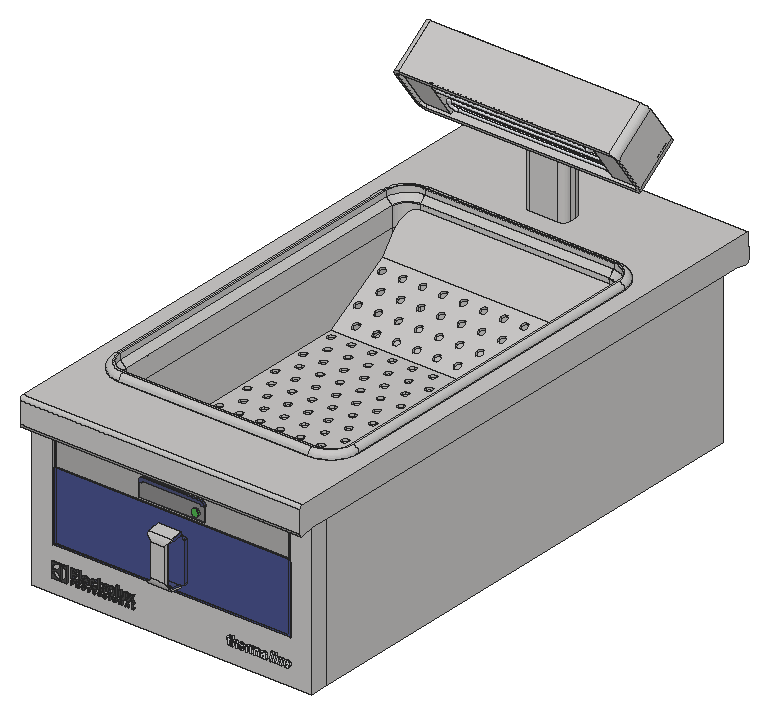
Revit family "QF_ELECTROLUXPROFESSIONAL_588094_MAYAAADOBO", category Attrezzature speciali, Revit 2020
Family settings
  Quota connettore circolare = Usa diametro
  Tipo di parte = Normale
  Basato su piano di lavoro = No
  Sempre verticale = Sì
  Taglio con vuoti quando caricato = No
  Condiviso = No
  Punto di calcolo locali = No
Parameters (values of type "Standard")
  Weight = 14.00 kg
  Watts = 1000 W
  Volts = 230 V
  URL Manufacturer = "https://www.electroluxprofessional.com/"
  URL = "https://www.electroluxprofessional.com/"
  Steam Supply Size = 0"
  Steam Supply Minimum Pressure = 0.00 psi
  Steam Supply Maximum Pressure = 0.00 psi
  Steam Consumption per Hour = 0
  Refrigeration Suction Line Size = 0 mm
  Refrigeration Liquid Line Size = 0 mm
  Refrigerant Compressor Remote = yes
  Prospetto di default = 0 mm
  Phase = 1
  Modello = "MAYAAADOBO"
  Produttore = "Electrolux Professional"
  Length Actual = 400 mm  # constant formula
  Item Number = "588094"
  Hot Water Size = 0"
  Height Actual = 250 mm  # constant formula
  HP = "1.3 HP"
  Gas Size = 0"
  Gas KW = 0
  Gas Input Pressure = 0.0 Btu/h
  Direct Waste Size = 0"
  Descrizione = "EL.CHIP SCUTTLE,1/1GN,1S,400X800X250H"
  Depth Actual = 800 mm  # constant formula
  Cycle = 50 Hz
  Condensate Return Size = 0"
  Compressed Air Volume = 0 GPM
  Compressed Air Size = 0"
  Compressed Air Pressure = 0.00 psi
  Cold Water Size = 0"
  Accessory = yes
Reference planes
  plane 1 "BACK": y = 0
  plane 2: z = 0
  plane 3 "LEFT": x = 0
  plane 4 "RIGHT": x = 400
  plane 5 "FRONT": y = -800
  plane 6 "TOP": z = 900
  plane 7 "Center (Left/Right)": x = 200
  plane 8: y = -400
  plane 9: y = -150
  plane 10: y = -65
  plane 11: y = -740
  plane 12: z = 938
  plane 13 "BaseTop": z = 650
  plane 14: y = -755
  plane 15 "Camino": y = -50
  plane 16 "EIx": x = 355
  plane 17: z = 1104
  plane 18 "Fondo": z = 780.982
  plane 19 "Angle1": through (-6096, -207.82, 834.055) normal (0, -0.5, 0.866)
  plane 20 "Serpentine": through (0, -80.719, 1034.372) normal (0, -0.8192, -0.5736)
  plane 21 "Serpentine90": through (-6096, -138.06, 994.222) normal (0, 0.5736, -0.8192)
  plane 22: y = -585
Forms (mm)
  Extrusion 1, solid, material "QF_Finishes_Stainless Steel"
    sketch origin (-178.969, -4572, 100) x (-1, 0, 0) y (0, -1, 0)
      loop
        line (-178.969, -4527) -> (-178.969, -3817) -> (-578.969, -3817) -> (-578.969, -4527) -> (-178.969, -4527)
    from 550 to 762.969
  Extrusion 2, solid, material "QF_Finishes_Stainless Steel"
    sketch origin (200, 296.4, 1219.2) x (0, 1, 0) y (0, 0, 1)
      loop
        line (-296.4, -319.2) -> (-1091.4, -319.2)
        arc (-1091.4, -319.2) -> (-1094.935, -320.664) -> (-1096.4, -324.2) r 5
        line (-1096.4, -324.2) -> (-1096.4, -355.2)
        arc (-1096.4, -355.2) -> (-1094.971, -358.264) -> (-1091.705, -359.139) r 4
        line (-1091.705, -359.139) -> (-1076.4, -356.231) -> (-316.4, -356.231) -> (-301.094, -359.139)
        arc (-301.094, -359.139) -> (-297.829, -358.264) -> (-296.4, -355.2) r 4
        line (-296.4, -355.2) -> (-296.4, -319.2)
    from -200 to 200
  Extrusion 3, void
    sketch origin (0, 0, 900) x (-1, 0, 0) y (0, -1, 0)
      loop
        line (-42.957, 190) -> (-42.957, 665)
        arc (-42.957, 665) -> (-49.413, 680.587) -> (-65, 687.043) r 22.043
        line (-65, 687.043) -> (-335, 687.043)
        arc (-335, 687.043) -> (-350.587, 680.587) -> (-357.043, 665) r 22.043
        line (-357.043, 665) -> (-357.043, 190)
        arc (-357.043, 190) -> (-350.587, 174.413) -> (-335, 167.957) r 22.043
        line (-335, 167.957) -> (-65, 167.957)
        arc (-65, 167.957) -> (-49.413, 174.413) -> (-42.957, 190) r 22.043
    from -8.746 to -162.454
  Extrusion 4, solid, material "QF_Finishes_Stainless Steel"
    sketch origin (0, 50, 650) x (-1, 0, 0) y (0, -1, 0)
      loop
        circle (-355, 635) r 10.1
    from 0 to -10
  Sweep 5, solid, material "QF_Finishes_Stainless Steel"
    path origin (0, 0, 900) x (-1, 0, 0) y (0, -1, 0)
      loop
        line (-25, 190) -> (-25, 665)
        arc (-25, 665) -> (-36.716, 693.284) -> (-65, 705) r 40
        line (-65, 705) -> (-335, 705)
        arc (-335, 705) -> (-363.284, 693.284) -> (-375, 665) r 40
        line (-375, 665) -> (-375, 190)
        arc (-375, 190) -> (-363.284, 161.716) -> (-335, 150) r 40
        line (-335, 150) -> (-65, 150)
        arc (-65, 150) -> (-36.716, 161.716) -> (-25, 190) r 40
    profile origin (25, -427.5, 900) x (1, 0, 0) y (0, 0, 1)
      loop
        line (0, 0) -> (0, -8.282) -> (18.004, -8.282) -> (9.723, 0) -> (9.723, 8) -> (8, 8)
        arc (8, 8) -> (2.343, 5.657) -> (0, 0) r 8
  Extrusion 6, void
    sketch origin (0, 0, 900) x (-1, 0, 0) y (0, -1, 0)
      loop
        arc (-65, 167.957) -> (-49.413, 174.413) -> (-42.957, 190) r 22.043
        line (-42.957, 190) -> (-42.957, 665)
        arc (-42.957, 665) -> (-49.413, 680.587) -> (-65, 687.043) r 22.043
        line (-65, 687.043) -> (-335, 687.043)
        arc (-335, 687.043) -> (-350.587, 680.587) -> (-357.043, 665) r 22.043
        line (-357.043, 665) -> (-357.043, 190)
        arc (-357.043, 190) -> (-350.587, 174.413) -> (-335, 167.957) r 22.043
        line (-335, 167.957) -> (-65, 167.957)
    from 38.156 to -162.454
  Extrusion 7, void
    sketch origin (0, 0, 900) x (-1, 0, 0) y (0, -1, 0)
      loop
        arc (-65, 158) -> (-42.373, 167.373) -> (-33, 190) r 32
        line (-33, 190) -> (-33, 665)
        arc (-33, 665) -> (-42.373, 687.627) -> (-65, 697) r 32
        line (-65, 697) -> (-335, 697)
        arc (-335, 697) -> (-357.627, 687.627) -> (-367, 665) r 32
        line (-367, 665) -> (-367, 190)
        arc (-367, 190) -> (-357.627, 167.373) -> (-335, 158) r 32
        line (-335, 158) -> (-65, 158)
    from 0 to -8.282
  Extrusion 8, solid, material "QF_Finishes_Stainless Steel"
    sketch origin (200, 296.4, 1219.2) x (0, 1, 0) y (0, 0, 1)
      loop
        line (-983.443, -327.482) -> (-983.443, -330.73) -> (-939.573, -386.881) -> (-847.191, -440.218) -> (-595.608, -440.218) -> (-502.883, -386.683) -> (-464.357, -337.371) -> (-464.357, -334.123) -> (-504.22, -385.145) -> (-596.144, -438.218) -> (-846.656, -438.218) -> (-938.236, -385.343) -> (-983.443, -327.482)
    from -157.043 to 157.043
  Extrusion 9, void
    sketch origin (0, -25, 780.982) x (-1, 0, 0) y (0, -1, 0)
      loop
        circle (-69.5, 313.15) r 5
      loop
        circle (-98.5, 313.15) r 5
      loop
        circle (-127.5, 313.15) r 5
      loop
        circle (-156.5, 313.15) r 5
      loop
        circle (-185.5, 313.15) r 5
      loop
        circle (-214.5, 313.15) r 5
      loop
        circle (-243.5, 313.15) r 5
      loop
        circle (-272.5, 313.15) r 5
      loop
        circle (-301.5, 313.15) r 5
      loop
        circle (-330.5, 313.15) r 5
      loop
        circle (-55, 288.15) r 5
      loop
        circle (-84, 288.15) r 5
      loop
        circle (-113, 288.15) r 5
      loop
        circle (-142, 288.15) r 5
      loop
        circle (-171, 288.15) r 5
      loop
        circle (-200, 288.15) r 5
      loop
        circle (-229, 288.15) r 5
      loop
        circle (-258, 288.15) r 5
      loop
        circle (-287, 288.15) r 5
      loop
        circle (-316, 288.15) r 5
      loop
        circle (-69.5, 363.15) r 5
      loop
        circle (-98.5, 363.15) r 5
      loop
        circle (-127.5, 363.15) r 5
      loop
        circle (-156.5, 363.15) r 5
      loop
        circle (-185.5, 363.15) r 5
      loop
        circle (-214.5, 363.15) r 5
      loop
        circle (-243.5, 363.15) r 5
      loop
        circle (-272.5, 363.15) r 5
      loop
        circle (-301.5, 363.15) r 5
      loop
        circle (-330.5, 363.15) r 5
      loop
        circle (-55, 338.15) r 5
      loop
        circle (-84, 338.15) r 5
      loop
        circle (-113, 338.15) r 5
      loop
        circle (-142, 338.15) r 5
      loop
        circle (-171, 338.15) r 5
      loop
        circle (-200, 338.15) r 5
      loop
        circle (-229, 338.15) r 5
      loop
        circle (-258, 338.15) r 5
      loop
        circle (-287, 338.15) r 5
      loop
        circle (-316, 338.15) r 5
      loop
        circle (-69.5, 413.15) r 5
      loop
        circle (-98.5, 413.15) r 5
      loop
        circle (-127.5, 413.15) r 5
      loop
        circle (-156.5, 413.15) r 5
      loop
        circle (-185.5, 413.15) r 5
      loop
        circle (-214.5, 413.15) r 5
      loop
        circle (-243.5, 413.15) r 5
      loop
        circle (-272.5, 413.15) r 5
      loop
        circle (-301.5, 413.15) r 5
      loop
        circle (-330.5, 413.15) r 5
      loop
        circle (-55, 388.15) r 5
      loop
        circle (-84, 388.15) r 5
      loop
        circle (-113, 388.15) r 5
      loop
        circle (-142, 388.15) r 5
      loop
        circle (-171, 388.15) r 5
      loop
        circle (-200, 388.15) r 5
      loop
        circle (-229, 388.15) r 5
      loop
        circle (-258, 388.15) r 5
      loop
        circle (-287, 388.15) r 5
      loop
        circle (-316, 388.15) r 5
      loop
        circle (-69.5, 463.15) r 5
      loop
        circle (-98.5, 463.15) r 5
      loop
        circle (-127.5, 463.15) r 5
      loop
        circle (-156.5, 463.15) r 5
      loop
        circle (-185.5, 463.15) r 5
      loop
        circle (-214.5, 463.15) r 5
      loop
        circle (-243.5, 463.15) r 5
      loop
        circle (-272.5, 463.15) r 5
      loop
        circle (-301.5, 463.15) r 5
      loop
        circle (-330.5, 463.15) r 5
      loop
        circle (-55, 438.15) r 5
      loop
        circle (-84, 438.15) r 5
      loop
        circle (-113, 438.15) r 5
      loop
        circle (-142, 438.15) r 5
      loop
        circle (-171, 438.15) r 5
      loop
        circle (-200, 438.15) r 5
      loop
        circle (-229, 438.15) r 5
      loop
        circle (-258, 438.15) r 5
      loop
        circle (-287, 438.15) r 5
      loop
        circle (-316, 438.15) r 5
      loop
        circle (-69.5, 513.15) r 5
      loop
        circle (-98.5, 513.15) r 5
      loop
        circle (-127.5, 513.15) r 5
      loop
        circle (-156.5, 513.15) r 5
      loop
        circle (-185.5, 513.15) r 5
      loop
        circle (-214.5, 513.15) r 5
      loop
        circle (-243.5, 513.15) r 5
      loop
        circle (-272.5, 513.15) r 5
      loop
        circle (-301.5, 513.15) r 5
      loop
        circle (-330.5, 513.15) r 5
      loop
        circle (-55, 488.15) r 5
      loop
        circle (-84, 488.15) r 5
      loop
        circle (-113, 488.15) r 5
      loop
        circle (-142, 488.15) r 5
      loop
        circle (-171, 488.15) r 5
      loop
        circle (-200, 488.15) r 5
      loop
        circle (-229, 488.15) r 5
      loop
        circle (-258, 488.15) r 5
      loop
        circle (-287, 488.15) r 5
      loop
        circle (-316, 488.15) r 5
      loop
        circle (-345, 288.15) r 5
      loop
        circle (-345, 338.15) r 5
      loop
        circle (-345, 388.15) r 5
      loop
        circle (-345, 438.15) r 5
      loop
        circle (-345, 488.15) r 5
    from 5 to -5
  Extrusion 10, void
    sketch origin (0, 49.13, 982.405) x (-1, 0, 0) y (0, -0.866025, -0.5)
      loop
        circle (-69.5, 338.15) r 5
      loop
        circle (-98.5, 338.15) r 5
      loop
        circle (-127.5, 338.15) r 5
      loop
        circle (-156.5, 338.15) r 5
      loop
        circle (-185.5, 338.15) r 5
      loop
        circle (-214.5, 338.15) r 5
      loop
        circle (-243.5, 338.15) r 5
      loop
        circle (-272.5, 338.15) r 5
      loop
        circle (-301.5, 338.15) r 5
      loop
        circle (-330.5, 338.15) r 5
      loop
        circle (-55, 313.15) r 5
      loop
        circle (-84, 313.15) r 5
      loop
        circle (-113, 313.15) r 5
      loop
        circle (-142, 313.15) r 5
      loop
        circle (-171, 313.15) r 5
      loop
        circle (-200, 313.15) r 5
      loop
        circle (-229, 313.15) r 5
      loop
        circle (-258, 313.15) r 5
      loop
        circle (-287, 313.15) r 5
      loop
        circle (-316, 313.15) r 5
      loop
        circle (-69.5, 388.15) r 5
      loop
        circle (-98.5, 388.15) r 5
      loop
        circle (-127.5, 388.15) r 5
      loop
        circle (-156.5, 388.15) r 5
      loop
        circle (-185.5, 388.15) r 5
      loop
        circle (-214.5, 388.15) r 5
      loop
        circle (-243.5, 388.15) r 5
      loop
        circle (-272.5, 388.15) r 5
      loop
        circle (-301.5, 388.15) r 5
      loop
        circle (-330.5, 388.15) r 5
      loop
        circle (-55, 363.15) r 5
      loop
        circle (-84, 363.15) r 5
      loop
        circle (-113, 363.15) r 5
      loop
        circle (-142, 363.15) r 5
      loop
        circle (-171, 363.15) r 5
      loop
        circle (-200, 363.15) r 5
      loop
        circle (-229, 363.15) r 5
      loop
        circle (-258, 363.15) r 5
      loop
        circle (-287, 363.15) r 5
      loop
        circle (-316, 363.15) r 5
      loop
        circle (-345, 363.15) r 5
      loop
        circle (-345, 313.15) r 5
    from 5 to -5
  Extrusion 11, void
    sketch origin (0, -899.13, 982.405) x (-1, 0, 0) y (0, -0.866025, 0.5)
      loop
        circle (-69.5, -338.15) r 5
      loop
        circle (-98.5, -338.15) r 5
      loop
        circle (-127.5, -338.15) r 5
      loop
        circle (-156.5, -338.15) r 5
      loop
        circle (-185.5, -338.15) r 5
      loop
        circle (-214.5, -338.15) r 5
      loop
        circle (-243.5, -338.15) r 5
      loop
        circle (-272.5, -338.15) r 5
      loop
        circle (-301.5, -338.15) r 5
      loop
        circle (-330.5, -338.15) r 5
      loop
        circle (-55, -313.15) r 5
      loop
        circle (-84, -313.15) r 5
      loop
        circle (-113, -313.15) r 5
      loop
        circle (-142, -313.15) r 5
      loop
        circle (-171, -313.15) r 5
      loop
        circle (-200, -313.15) r 5
      loop
        circle (-229, -313.15) r 5
      loop
        circle (-258, -313.15) r 5
      loop
        circle (-287, -313.15) r 5
      loop
        circle (-316, -313.15) r 5
      loop
        circle (-69.5, -388.15) r 5
      loop
        circle (-98.5, -388.15) r 5
      loop
        circle (-127.5, -388.15) r 5
      loop
        circle (-156.5, -388.15) r 5
      loop
        circle (-185.5, -388.15) r 5
      loop
        circle (-214.5, -388.15) r 5
      loop
        circle (-243.5, -388.15) r 5
      loop
        circle (-272.5, -388.15) r 5
      loop
        circle (-301.5, -388.15) r 5
      loop
        circle (-330.5, -388.15) r 5
      loop
        circle (-55, -363.15) r 5
      loop
        circle (-84, -363.15) r 5
      loop
        circle (-113, -363.15) r 5
      loop
        circle (-142, -363.15) r 5
      loop
        circle (-171, -363.15) r 5
      loop
        circle (-200, -363.15) r 5
      loop
        circle (-229, -363.15) r 5
      loop
        circle (-258, -363.15) r 5
      loop
        circle (-287, -363.15) r 5
      loop
        circle (-316, -363.15) r 5
      loop
        circle (-345, -313.15) r 5
      loop
        circle (-345, -363.15) r 5
    from 5 to -5
  Extrusion 12, solid, material "QF_Finishes_Stainless Steel"
    sketch origin (0, 0, 900) x (-1, 0, 0) y (0, -1, 0)
      loop
        line (-220, 84.995) -> (-180, 84.995)
        arc (-180, 84.995) -> (-172.929, 87.924) -> (-170, 94.995) r 10
        line (-170, 94.995) -> (-170, 104.995)
        arc (-170, 104.995) -> (-172.929, 112.066) -> (-180, 114.995) r 10
        line (-180, 114.995) -> (-220, 114.995)
        arc (-220, 114.995) -> (-227.071, 112.066) -> (-230, 104.995) r 10
        line (-230, 104.995) -> (-230, 94.995)
        arc (-230, 94.995) -> (-227.071, 87.924) -> (-220, 84.995) r 10
    from 0 to 131.811
  Extrusion 13, solid, material "QF_Finishes_Stainless Steel"
    sketch origin (79.679, 596.52, 67.175) x (0, 0.573576, -0.819152) y (1, 0, 0)
      loop
        line (-1255.73, -39.679) -> (-1190.73, -39.679)
        arc (-1190.73, -39.679) -> (-1183.659, -36.75) -> (-1180.73, -29.679) r 10
        line (-1180.73, -29.679) -> (-1180.73, 270.321)
        arc (-1180.73, 270.321) -> (-1183.659, 277.392) -> (-1190.73, 280.321) r 10
        line (-1190.73, 280.321) -> (-1255.73, 280.321)
        arc (-1255.73, 280.321) -> (-1262.801, 277.392) -> (-1265.73, 270.321) r 10
        line (-1265.73, 270.321) -> (-1265.73, -29.679)
        arc (-1265.73, -29.679) -> (-1262.801, -36.75) -> (-1255.73, -39.679) r 10
      loop
        line (-1255.73, -35.679) -> (-1190.73, -35.679)
        arc (-1190.73, -35.679) -> (-1186.487, -33.922) -> (-1184.73, -29.679) r 6
        line (-1184.73, -29.679) -> (-1184.73, 270.321)
        arc (-1184.73, 270.321) -> (-1186.487, 274.563) -> (-1190.73, 276.321) r 6
        line (-1190.73, 276.321) -> (-1255.73, 276.321)
        arc (-1255.73, 276.321) -> (-1259.972, 274.563) -> (-1261.73, 270.321) r 6
        line (-1261.73, 270.321) -> (-1261.73, -29.679)
        arc (-1261.73, -29.679) -> (-1259.972, -33.922) -> (-1255.73, -35.679) r 6
    from 0 to 70
  Extrusion 14, solid, material "QF_Finishes_Stainless Steel"
    sketch origin (79.679, 596.52, 67.175) x (0, 0.573576, -0.819152) y (1, 0, 0)
      loop
        line (-1255.73, -35.679) -> (-1190.73, -35.679)
        arc (-1190.73, -35.679) -> (-1186.487, -33.922) -> (-1184.73, -29.679) r 6
        line (-1184.73, -29.679) -> (-1184.73, 4.321) -> (-1261.73, 4.321) -> (-1261.73, -29.679)
        arc (-1261.73, -29.679) -> (-1259.972, -33.922) -> (-1255.73, -35.679) r 6
      loop
        arc (-1255.73, 276.321) -> (-1259.972, 274.563) -> (-1261.73, 270.321) r 6
        line (-1261.73, 270.321) -> (-1261.73, 236.321) -> (-1184.73, 236.321) -> (-1184.73, 270.321)
        arc (-1184.73, 270.321) -> (-1186.487, 274.563) -> (-1190.73, 276.321) r 6
        line (-1190.73, 276.321) -> (-1255.73, 276.321)
    from 5.22 to 65
  Extrusion 15, void
    sketch origin (200, 296.4, 1219.2) x (0, 1, 0) y (0, 0, 1)
      loop
        line (-412.731, -209.764) -> (-380.777, -187.389) -> (-412.731, -187.389) -> (-412.731, -209.764)
    from -44.52 to 38.617
  Extrusion 16, solid, material "QF_Finishes_Stainless Steel"
    sketch origin (79.679, 596.52, 67.175) x (0, 0.573576, -0.819152) y (1, 0, 0)
      loop
        line (-1255.73, -39.679) -> (-1190.73, -39.679)
        arc (-1190.73, -39.679) -> (-1183.659, -36.75) -> (-1180.73, -29.679) r 10
        line (-1180.73, -29.679) -> (-1180.73, 270.321)
        arc (-1180.73, 270.321) -> (-1183.659, 277.392) -> (-1190.73, 280.321) r 10
        line (-1190.73, 280.321) -> (-1255.73, 280.321)
        arc (-1255.73, 280.321) -> (-1262.801, 277.392) -> (-1265.73, 270.321) r 10
        line (-1265.73, 270.321) -> (-1265.73, -29.679)
        arc (-1265.73, -29.679) -> (-1262.801, -36.75) -> (-1255.73, -39.679) r 10
      loop
        line (-1255.73, -35.679) -> (-1190.73, -35.679)
        arc (-1190.73, -35.679) -> (-1186.487, -33.922) -> (-1184.73, -29.679) r 6
        line (-1184.73, -29.679) -> (-1184.73, 270.321)
        arc (-1184.73, 270.321) -> (-1186.487, 274.563) -> (-1190.73, 276.321) r 6
        line (-1190.73, 276.321) -> (-1255.73, 276.321)
        arc (-1255.73, 276.321) -> (-1259.972, 274.563) -> (-1261.73, 270.321) r 6
        line (-1261.73, 270.321) -> (-1261.73, -29.679)
        arc (-1261.73, -29.679) -> (-1259.972, -33.922) -> (-1255.73, -35.679) r 6
    from 0 to 70
  Extrusion 17, solid, material "QF_Finishes_Stainless Steel"
    sketch origin (79.679, 596.52, 67.175) x (0, 0.573576, -0.819152) y (1, 0, 0)
      loop
        line (-1255.73, -35.679) -> (-1190.73, -35.679)
        arc (-1190.73, -35.679) -> (-1186.487, -33.922) -> (-1184.73, -29.679) r 6
        line (-1184.73, -29.679) -> (-1184.73, 270.321)
        arc (-1184.73, 270.321) -> (-1186.487, 274.563) -> (-1190.73, 276.321) r 6
        line (-1190.73, 276.321) -> (-1255.73, 276.321)
        arc (-1255.73, 276.321) -> (-1259.972, 274.563) -> (-1261.73, 270.321) r 6
        line (-1261.73, 270.321) -> (-1261.73, -29.679)
        arc (-1261.73, -29.679) -> (-1259.972, -33.922) -> (-1255.73, -35.679) r 6
    from 0 to 5.22
  Extrusion 18, solid, material "QF_Finishes_Stainless Steel"
    sketch origin (79.679, 596.52, 67.175) x (0, 0.573576, -0.819152) y (1, 0, 0)
      loop
        line (-1255.73, -39.679) -> (-1190.73, -39.679)
        arc (-1190.73, -39.679) -> (-1183.659, -36.75) -> (-1180.73, -29.679) r 10
        line (-1180.73, -29.679) -> (-1180.73, 270.321)
        arc (-1180.73, 270.321) -> (-1183.659, 277.392) -> (-1190.73, 280.321) r 10
        line (-1190.73, 280.321) -> (-1255.73, 280.321)
        arc (-1255.73, 280.321) -> (-1262.801, 277.392) -> (-1265.73, 270.321) r 10
        line (-1265.73, 270.321) -> (-1265.73, -29.679)
        arc (-1265.73, -29.679) -> (-1262.801, -36.75) -> (-1255.73, -39.679) r 10
      loop
        line (-1255.73, -35.679) -> (-1190.73, -35.679)
        arc (-1190.73, -35.679) -> (-1186.487, -33.922) -> (-1184.73, -29.679) r 6
        line (-1184.73, -29.679) -> (-1184.73, 270.321)
        arc (-1184.73, 270.321) -> (-1186.487, 274.563) -> (-1190.73, 276.321) r 6
        line (-1190.73, 276.321) -> (-1255.73, 276.321)
        arc (-1255.73, 276.321) -> (-1259.972, 274.563) -> (-1261.73, 270.321) r 6
        line (-1261.73, 270.321) -> (-1261.73, -29.679)
        arc (-1261.73, -29.679) -> (-1259.972, -33.922) -> (-1255.73, -35.679) r 6
    from 0 to 70
  Sweep 19, solid, material "QF_Finishes_White"
    path origin (445.068, 796.804, -218.86) x (0, 0.573576, -0.819152) y (1, 0, 0)
      loop
        line (-1582.037, -361.068) -> (-1582.037, -146.068)
        arc (-1582.037, -146.068) -> (-1592.037, -136.068) -> (-1602.037, -146.068) r 10
        line (-1602.037, -146.068) -> (-1602.037, -361.068)
    profile origin (191.5, -110.616, 1077.069) x (0, -0.573576, 0.819152) y (0, -0.819152, -0.573576)
      loop
        circle (0, 61.931) r 2.5
  Sweep 20, solid, material "QF_Finishes_White"
    path origin (-45.068, 813.392, -246.825) x (0, 0.573576, -0.819152) y (1, 0, 0)
      loop
        line (-1579.459, 361.068) -> (-1579.459, 146.068)
        arc (-1579.459, 146.068) -> (-1589.459, 136.068) -> (-1599.459, 146.068) r 10
        line (-1599.459, 146.068) -> (-1599.459, 361.068)
    profile origin (208.5, -92.548, 1046.992) x (0, 0.573576, -0.819152) y (0, -0.819152, -0.573576)
      loop
        circle (0, 59.479) r 2.5
  Extrusion 21, solid, material "QF_Finishes_Stainless Steel"
    sketch origin (200, 296.4, 1222.347) x (0, 1, 0) y (0, 0, 1)
      loop
        line (-417.574, -130.198) -> (-412.986, -136.751) -> (-409.605, -129.501) -> (-417.574, -130.198)
      loop
        line (-406.103, -146.581) -> (-401.514, -153.134) -> (-398.133, -145.884) -> (-406.103, -146.581)
    from -38 to 38
  Extrusion 22, solid, material "QF_Finishes_Stainless Steel"
    sketch origin (200, 296.4, 1222.347) x (0, 1, 0) y (0, 0, 1)
      loop
        line (-417.574, -130.198) -> (-412.986, -136.751) -> (-409.605, -129.501) -> (-417.574, -130.198)
      loop
        line (-406.103, -146.581) -> (-401.514, -153.134) -> (-398.133, -145.884) -> (-406.103, -146.581)
    from 46 to 122
  Extrusion 23, solid, material "QF_Finishes_Stainless Steel"
    sketch origin (200, 296.4, 1222.347) x (0, 1, 0) y (0, 0, -1)
      loop
        line (-417.574, 130.198) -> (-409.605, 129.501) -> (-412.986, 136.751) -> (-417.574, 130.198)
      loop
        line (-406.103, 146.581) -> (-398.133, 145.884) -> (-401.514, 153.134) -> (-406.103, 146.581)
    from 46 to 122
Cuts and joins
  Extrusion 3, Extrusion 6, Extrusion 7 cuts Extrusion 2
  Extrusion 6 cuts Extrusion 1
  Extrusion 6 cuts Sweep 5
  Extrusion 9, Extrusion 10, Extrusion 11 cuts Extrusion 8
  Extrusion 15 cuts Extrusion 12
Lines and regions (mm)
  symbolic lines
    curve 1: line (0, 0, 100) -> (400, 0, 100)
    curve 2: line (0, -800, 100) -> (0, 0, 100)
    curve 3: line (400, -800, 100) -> (0, -800, 100)
    curve 4: line (400, 0, 100) -> (400, -800, 100)
    curve 5: line (350, -80.719, 0) -> (50, -80.719, 0)
    curve 6: spline (50, -80.719, 0) -> (48.695, -80.768, 0) -> (47.412, -80.914, 0) -> (46.173, -81.156, 0) -> (45, -81.487, 0) -> (43.912, -81.904, 0) -> (42.929, -82.399, 0) -> (42.066, -82.963, 0) -> (41.34, -83.587, 0) -> (40.761, -84.26, 0) -> (40.341, -84.97, 0) -> (40.086, -85.706, 0) -> (40, -86.455, 0)
    curve 7: line (40, -86.455, 0) -> (40, -181.078, 0)
    curve 8: spline (40, -123.737, 0) -> (40.086, -124.486, 0) -> (40.341, -125.222, 0) -> (40.761, -125.932, 0) -> (41.34, -126.605, 0) -> (42.066, -127.229, 0) -> (42.929, -127.793, 0) -> (43.912, -128.288, 0) -> (45, -128.705, 0) -> (46.173, -129.036, 0) -> (47.412, -129.278, 0) -> (48.695, -129.424, 0) -> (50, -129.473, 0)
    curve 9: line (50, -129.473, 0) -> (350, -129.473, 0)
    curve 10: spline (350, -129.473, 0) -> (351.305, -129.424, 0) -> (352.588, -129.278, 0) -> (353.827, -129.036, 0) -> (355, -128.705, 0) -> (356.088, -128.288, 0) -> (357.071, -127.793, 0) -> (357.934, -127.229, 0) -> (358.66, -126.605, 0) -> (359.239, -125.932, 0) -> (359.659, -125.222, 0) -> (359.914, -124.486, 0) -> (360, -123.737, 0)
    curve 11: line (360, -181.078, 0) -> (360, -123.737, 0)
    curve 12: spline (360, -86.455, 0) -> (359.914, -85.706, 0) -> (359.659, -84.97, 0) -> (359.239, -84.26, 0) -> (358.66, -83.587, 0) -> (357.934, -82.963, 0) -> (357.071, -82.399, 0) -> (356.088, -81.904, 0) -> (355, -81.487, 0) -> (353.827, -81.156, 0) -> (352.588, -80.914, 0) -> (351.305, -80.768, 0) -> (350, -80.719, 0)
    curve 13: line (78, -121.175, 0) -> (154, -121.175, 0)
    curve 14: line (78, -101.733, 0) -> (78, -121.175, 0)
    curve 15: line (78, -113.205, 0) -> (154, -113.205, 0)
    curve 16: line (78, -109.703, 0) -> (154, -109.703, 0)
    curve 17: line (78, -101.733, 0) -> (154, -101.733, 0)
    curve 18: line (154, -121.175, 0) -> (154, -101.733, 0)
    curve 19: line (162, -101.733, 0) -> (162, -121.175, 0)
    curve 20: line (162, -113.205, 0) -> (238, -113.205, 0)
    curve 21: line (162, -109.703, 0) -> (238, -109.703, 0)
    curve 22: line (162, -101.733, 0) -> (238, -101.733, 0)
    curve 23: line (162, -121.175, 0) -> (238, -121.175, 0)
    curve 24: line (238, -121.175, 0) -> (238, -101.733, 0)
    curve 25: line (246, -101.733, 0) -> (246, -121.175, 0)
    curve 26: line (246, -109.703, 0) -> (322, -109.703, 0)
    curve 27: line (246, -101.733, 0) -> (322, -101.733, 0)
    curve 28: line (246, -121.175, 0) -> (322, -121.175, 0)
    curve 29: line (246, -113.205, 0) -> (322, -113.205, 0)
    curve 30: line (322, -121.175, 0) -> (322, -101.733, 0)
    curve 31: spline (50, -186.814, 0) -> (48.695, -186.765, 0) -> (47.412, -186.618, 0) -> (46.173, -186.377, 0) -> (45, -186.045, 0) -> (43.912, -185.628, 0) -> (42.929, -185.134, 0) -> (42.066, -184.57, 0) -> (41.34, -183.946, 0) -> (40.761, -183.273, 0) -> (40.341, -182.562, 0) -> (40.086, -181.827, 0) -> (40, -181.078, 0)
    curve 32: line (350, -186.814, 0) -> (50, -186.814, 0)
    curve 33: spline (360, -181.078, 0) -> (359.914, -181.827, 0) -> (359.659, -182.562, 0) -> (359.239, -183.273, 0) -> (358.66, -183.946, 0) -> (357.934, -184.57, 0) -> (357.071, -185.134, 0) -> (356.088, -185.628, 0) -> (355, -186.045, 0) -> (353.827, -186.377, 0) -> (352.588, -186.618, 0) -> (351.305, -186.765, 0) -> (350, -186.814, 0)
    curve 34: line (360, -181.078, 0) -> (360, -86.455, 0)
    curve 35: line (34.723, -665, 0) -> (34.723, -190, 0)
    curve 36: line (25, -190, 0) -> (25, -665, 0)
    curve 37: line (42.889, -190, 0) -> (42.889, -665.101, 0)
    curve 38: arc (42.889, -665.101, 0) -> (49.385, -680.784, 0) -> (65.067, -687.279, 0) r 22.178
    curve 39: arc (34.723, -665, 0) -> (43.591, -686.409, 0) -> (65, -695.277, 0) r 30.277
    curve 40: line (65.067, -687.279, 0) -> (335.11, -687.279, 0)
    curve 41: arc (335.11, -687.279, 0) -> (350.508, -680.901, 0) -> (356.886, -665.503, 0) r 21.776
    curve 42: arc (335, -695.277, 0) -> (356.409, -686.409, 0) -> (365.277, -665, 0) r 30.277
    curve 43: line (375, -665, 0) -> (375, -190, 0)
    curve 44: line (365.277, -190, 0) -> (365.277, -665, 0)
    curve 45: line (356.886, -191.314, 0) -> (356.886, -665.503, 0)
    curve 46: line (356.886, -641.837, 0) -> (42.889, -641.837, 0)
    curve 47: line (42.889, -550.256, 0) -> (356.886, -550.256, 0)
    curve 48: line (65, -695.277, 0) -> (335, -695.277, 0)
    curve 49: line (65, -705, 0) -> (335, -705, 0)
    curve 50: arc (25, -665, 0) -> (36.716, -693.284, 0) -> (65, -705, 0) r 40
    curve 51: arc (335, -705, 0) -> (363.284, -693.284, 0) -> (375, -665, 0) r 40
    curve 52: line (42.889, -299.744, 0) -> (356.886, -299.744, 0)
    curve 53: line (42.889, -207.82, 0) -> (356.886, -207.82, 0)
    curve 54: arc (365.277, -190, 0) -> (363.928, -181.062, 0) -> (360, -172.92, 0) r 30.277
    curve 55: arc (356.886, -191.314, 0) -> (356.675, -188.28, 0) -> (356.045, -185.305, 0) r 21.887
    curve 56: arc (375, -190, 0) -> (371.05, -172.891, 0) -> (360, -159.245, 0) r 39.028
    curve 57: arc (25, -190, 0) -> (28.95, -172.891, 0) -> (40, -159.245, 0) r 39.028
    curve 58: arc (40, -172.92, 0) -> (36.072, -181.062, 0) -> (34.723, -190, 0) r 30.277
    curve 59: arc (43.004, -190, 0) -> (43.125, -187.702, 0) -> (43.484, -185.429, 0) r 21.996
    curve 60: spline (50.066, -221.075, 0) -> (50.234, -222.196, 0) -> (50.727, -223.241, 0) -> (51.511, -224.138, 0) -> (52.533, -224.826, 0) -> (53.723, -225.259, 0) -> (55, -225.406, 0) -> (56.277, -225.259, 0) -> (57.467, -224.826, 0) -> (58.489, -224.138, 0) -> (59.273, -223.241, 0) -> (59.766, -222.196, 0) -> (59.934, -221.075, 0)
    curve 61: spline (50.066, -221.075, 0) -> (50.444, -220.164, 0) -> (51.048, -219.347, 0) -> (51.85, -218.665, 0) -> (52.809, -218.152, 0) -> (53.876, -217.834, 0) -> (55, -217.726, 0) -> (56.124, -217.834, 0) -> (57.191, -218.152, 0) -> (58.15, -218.665, 0) -> (58.952, -219.347, 0) -> (59.556, -220.164, 0) -> (59.934, -221.075, 0)
    curve 62: spline (79.022, -221.075, 0) -> (79.19, -222.196, 0) -> (79.683, -223.241, 0) -> (80.467, -224.138, 0) -> (81.489, -224.826, 0) -> (82.679, -225.259, 0) -> (83.956, -225.406, 0) -> (85.233, -225.259, 0) -> (86.423, -224.826, 0) -> (87.445, -224.138, 0) -> (88.229, -223.241, 0) -> (88.722, -222.196, 0) -> (88.89, -221.075, 0)
    curve 63: spline (79.022, -221.075, 0) -> (79.4, -220.164, 0) -> (80.004, -219.347, 0) -> (80.806, -218.665, 0) -> (81.765, -218.152, 0) -> (82.832, -217.834, 0) -> (83.956, -217.726, 0) -> (85.08, -217.834, 0) -> (86.147, -218.152, 0) -> (87.106, -218.665, 0) -> (87.908, -219.347, 0) -> (88.512, -220.164, 0) -> (88.89, -221.075, 0)
    curve 64: spline (108.022, -221.075, 0) -> (108.19, -222.196, 0) -> (108.683, -223.241, 0) -> (109.467, -224.138, 0) -> (110.489, -224.826, 0) -> (111.679, -225.259, 0) -> (112.956, -225.406, 0) -> (114.233, -225.259, 0) -> (115.423, -224.826, 0) -> (116.445, -224.138, 0) -> (117.229, -223.241, 0) -> (117.722, -222.196, 0) -> (117.89, -221.075, 0)
    curve 65: spline (108.022, -221.075, 0) -> (108.4, -220.164, 0) -> (109.004, -219.347, 0) -> (109.806, -218.665, 0) -> (110.765, -218.152, 0) -> (111.832, -217.834, 0) -> (112.956, -217.726, 0) -> (114.08, -217.834, 0) -> (115.147, -218.152, 0) -> (116.106, -218.665, 0) -> (116.908, -219.347, 0) -> (117.512, -220.164, 0) -> (117.89, -221.075, 0)
    curve 66: spline (137.022, -221.075, 0) -> (137.19, -222.196, 0) -> (137.683, -223.241, 0) -> (138.467, -224.138, 0) -> (139.489, -224.826, 0) -> (140.679, -225.259, 0) -> (141.956, -225.406, 0) -> (143.233, -225.259, 0) -> (144.423, -224.826, 0) -> (145.445, -224.138, 0) -> (146.229, -223.241, 0) -> (146.722, -222.196, 0) -> (146.89, -221.075, 0)
    curve 67: spline (137.022, -221.075, 0) -> (137.4, -220.164, 0) -> (138.004, -219.347, 0) -> (138.806, -218.665, 0) -> (139.765, -218.152, 0) -> (140.832, -217.834, 0) -> (141.956, -217.726, 0) -> (143.08, -217.834, 0) -> (144.147, -218.152, 0) -> (145.106, -218.665, 0) -> (145.908, -219.347, 0) -> (146.512, -220.164, 0) -> (146.89, -221.075, 0)
    curve 68: spline (166.022, -221.075, 0) -> (166.19, -222.196, 0) -> (166.683, -223.241, 0) -> (167.467, -224.138, 0) -> (168.489, -224.826, 0) -> (169.679, -225.259, 0) -> (170.956, -225.406, 0) -> (172.233, -225.259, 0) -> (173.423, -224.826, 0) -> (174.445, -224.138, 0) -> (175.229, -223.241, 0) -> (175.722, -222.196, 0) -> (175.89, -221.075, 0)
    curve 69: spline (166.022, -221.075, 0) -> (166.4, -220.164, 0) -> (167.004, -219.347, 0) -> (167.806, -218.665, 0) -> (168.765, -218.152, 0) -> (169.832, -217.834, 0) -> (170.956, -217.726, 0) -> (172.08, -217.834, 0) -> (173.147, -218.152, 0) -> (174.106, -218.665, 0) -> (174.908, -219.347, 0) -> (175.512, -220.164, 0) -> (175.89, -221.075, 0)
    curve 70: spline (195.022, -221.075, 0) -> (195.19, -222.196, 0) -> (195.683, -223.241, 0) -> (196.467, -224.138, 0) -> (197.489, -224.826, 0) -> (198.679, -225.259, 0) -> (199.956, -225.406, 0) -> (201.233, -225.259, 0) -> (202.423, -224.826, 0) -> (203.445, -224.138, 0) -> (204.229, -223.241, 0) -> (204.722, -222.196, 0) -> (204.89, -221.075, 0)
    curve 71: spline (195.022, -221.075, 0) -> (195.4, -220.164, 0) -> (196.004, -219.347, 0) -> (196.806, -218.665, 0) -> (197.765, -218.152, 0) -> (198.832, -217.834, 0) -> (199.956, -217.726, 0) -> (201.08, -217.834, 0) -> (202.147, -218.152, 0) -> (203.106, -218.665, 0) -> (203.908, -219.347, 0) -> (204.512, -220.164, 0) -> (204.89, -221.075, 0)
    curve 72: spline (349.934, -221.075, 0) -> (349.766, -222.196, 0) -> (349.273, -223.241, 0) -> (348.489, -224.138, 0) -> (347.467, -224.826, 0) -> (346.277, -225.259, 0) -> (345, -225.406, 0) -> (343.723, -225.259, 0) -> (342.533, -224.826, 0) -> (341.511, -224.138, 0) -> (340.727, -223.241, 0) -> (340.234, -222.196, 0) -> (340.066, -221.075, 0)
    curve 73: spline (349.934, -221.075, 0) -> (349.556, -220.164, 0) -> (348.952, -219.347, 0) -> (348.15, -218.665, 0) -> (347.191, -218.152, 0) -> (346.124, -217.834, 0) -> (345, -217.726, 0) -> (343.876, -217.834, 0) -> (342.809, -218.152, 0) -> (341.85, -218.665, 0) -> (341.048, -219.347, 0) -> (340.444, -220.164, 0) -> (340.066, -221.075, 0)
    curve 74: spline (320.978, -221.075, 0) -> (320.81, -222.196, 0) -> (320.317, -223.241, 0) -> (319.533, -224.138, 0) -> (318.511, -224.826, 0) -> (317.321, -225.259, 0) -> (316.044, -225.406, 0) -> (314.767, -225.259, 0) -> (313.577, -224.826, 0) -> (312.555, -224.138, 0) -> (311.771, -223.241, 0) -> (311.278, -222.196, 0) -> (311.11, -221.075, 0)
    curve 75: spline (320.978, -221.075, 0) -> (320.6, -220.164, 0) -> (319.996, -219.347, 0) -> (319.194, -218.665, 0) -> (318.235, -218.152, 0) -> (317.168, -217.834, 0) -> (316.044, -217.726, 0) -> (314.92, -217.834, 0) -> (313.853, -218.152, 0) -> (312.894, -218.665, 0) -> (312.092, -219.347, 0) -> (311.488, -220.164, 0) -> (311.11, -221.075, 0)
    curve 76: spline (291.978, -221.075, 0) -> (291.81, -222.196, 0) -> (291.317, -223.241, 0) -> (290.533, -224.138, 0) -> (289.511, -224.826, 0) -> (288.321, -225.259, 0) -> (287.044, -225.406, 0) -> (285.767, -225.259, 0) -> (284.577, -224.826, 0) -> (283.555, -224.138, 0) -> (282.771, -223.241, 0) -> (282.278, -222.196, 0) -> (282.11, -221.075, 0)
    curve 77: spline (291.978, -221.075, 0) -> (291.6, -220.164, 0) -> (290.996, -219.347, 0) -> (290.194, -218.665, 0) -> (289.235, -218.152, 0) -> (288.168, -217.834, 0) -> (287.044, -217.726, 0) -> (285.92, -217.834, 0) -> (284.853, -218.152, 0) -> (283.894, -218.665, 0) -> (283.092, -219.347, 0) -> (282.488, -220.164, 0) -> (282.11, -221.075, 0)
    curve 78: spline (262.978, -221.075, 0) -> (262.81, -222.196, 0) -> (262.317, -223.241, 0) -> (261.533, -224.138, 0) -> (260.511, -224.826, 0) -> (259.321, -225.259, 0) -> (258.044, -225.406, 0) -> (256.767, -225.259, 0) -> (255.577, -224.826, 0) -> (254.555, -224.138, 0) -> (253.771, -223.241, 0) -> (253.278, -222.196, 0) -> (253.11, -221.075, 0)
    curve 79: spline (262.978, -221.075, 0) -> (262.6, -220.164, 0) -> (261.996, -219.347, 0) -> (261.194, -218.665, 0) -> (260.235, -218.152, 0) -> (259.168, -217.834, 0) -> (258.044, -217.726, 0) -> (256.92, -217.834, 0) -> (255.853, -218.152, 0) -> (254.894, -218.665, 0) -> (254.092, -219.347, 0) -> (253.488, -220.164, 0) -> (253.11, -221.075, 0)
    curve 80: spline (233.978, -221.075, 0) -> (233.81, -222.196, 0) -> (233.317, -223.241, 0) -> (232.533, -224.138, 0) -> (231.511, -224.826, 0) -> (230.321, -225.259, 0) -> (229.044, -225.406, 0) -> (227.767, -225.259, 0) -> (226.577, -224.826, 0) -> (225.555, -224.138, 0) -> (224.771, -223.241, 0) -> (224.278, -222.196, 0) -> (224.11, -221.075, 0)
    curve 81: spline (233.978, -221.075, 0) -> (233.6, -220.164, 0) -> (232.996, -219.347, 0) -> (232.194, -218.665, 0) -> (231.235, -218.152, 0) -> (230.168, -217.834, 0) -> (229.044, -217.726, 0) -> (227.92, -217.834, 0) -> (226.853, -218.152, 0) -> (225.894, -218.665, 0) -> (225.092, -219.347, 0) -> (224.488, -220.164, 0) -> (224.11, -221.075, 0)
    curve 82: spline (64.566, -242.726, 0) -> (64.734, -243.847, 0) -> (65.227, -244.891, 0) -> (66.011, -245.788, 0) -> (67.033, -246.476, 0) -> (68.223, -246.909, 0) -> (69.5, -247.057, 0) -> (70.777, -246.909, 0) -> (71.967, -246.476, 0) -> (72.989, -245.788, 0) -> (73.773, -244.891, 0) -> (74.266, -243.847, 0) -> (74.434, -242.726, 0)
    curve 83: spline (64.566, -242.726, 0) -> (64.944, -241.814, 0) -> (65.548, -240.998, 0) -> (66.35, -240.316, 0) -> (67.309, -239.803, 0) -> (68.376, -239.485, 0) -> (69.5, -239.377, 0) -> (70.624, -239.485, 0) -> (71.691, -239.803, 0) -> (72.65, -240.316, 0) -> (73.452, -240.998, 0) -> (74.056, -241.814, 0) -> (74.434, -242.726, 0)
    curve 84: spline (93.566, -242.726, 0) -> (93.734, -243.847, 0) -> (94.227, -244.891, 0) -> (95.011, -245.788, 0) -> (96.033, -246.476, 0) -> (97.223, -246.909, 0) -> (98.5, -247.057, 0) -> (99.777, -246.909, 0) -> (100.967, -246.476, 0) -> (101.989, -245.788, 0) -> (102.773, -244.891, 0) -> (103.266, -243.847, 0) -> (103.434, -242.726, 0)
    curve 85: spline (93.566, -242.726, 0) -> (93.944, -241.814, 0) -> (94.548, -240.998, 0) -> (95.35, -240.316, 0) -> (96.309, -239.803, 0) -> (97.376, -239.485, 0) -> (98.5, -239.377, 0) -> (99.624, -239.485, 0) -> (100.691, -239.803, 0) -> (101.65, -240.316, 0) -> (102.452, -240.998, 0) -> (103.056, -241.814, 0) -> (103.434, -242.726, 0)
    curve 86: spline (122.566, -242.726, 0) -> (122.734, -243.847, 0) -> (123.227, -244.891, 0) -> (124.011, -245.788, 0) -> (125.033, -246.476, 0) -> (126.223, -246.909, 0) -> (127.5, -247.057, 0) -> (128.777, -246.909, 0) -> (129.967, -246.476, 0) -> (130.989, -245.788, 0) -> (131.773, -244.891, 0) -> (132.266, -243.847, 0) -> (132.434, -242.726, 0)
    curve 87: spline (122.566, -242.726, 0) -> (122.944, -241.814, 0) -> (123.548, -240.998, 0) -> (124.35, -240.316, 0) -> (125.309, -239.803, 0) -> (126.376, -239.485, 0) -> (127.5, -239.377, 0) -> (128.624, -239.485, 0) -> (129.691, -239.803, 0) -> (130.65, -240.316, 0) -> (131.452, -240.998, 0) -> (132.056, -241.814, 0) -> (132.434, -242.726, 0)
    curve 88: spline (151.566, -242.726, 0) -> (151.734, -243.847, 0) -> (152.227, -244.891, 0) -> (153.011, -245.788, 0) -> (154.033, -246.476, 0) -> (155.223, -246.909, 0) -> (156.5, -247.057, 0) -> (157.777, -246.909, 0) -> (158.967, -246.476, 0) -> (159.989, -245.788, 0) -> (160.773, -244.891, 0) -> (161.266, -243.847, 0) -> (161.434, -242.726, 0)
    curve 89: spline (151.566, -242.726, 0) -> (151.944, -241.814, 0) -> (152.548, -240.998, 0) -> (153.35, -240.316, 0) -> (154.309, -239.803, 0) -> (155.376, -239.485, 0) -> (156.5, -239.377, 0) -> (157.624, -239.485, 0) -> (158.691, -239.803, 0) -> (159.65, -240.316, 0) -> (160.452, -240.998, 0) -> (161.056, -241.814, 0) -> (161.434, -242.726, 0)
    curve 90: spline (180.566, -242.726, 0) -> (180.734, -243.847, 0) -> (181.227, -244.891, 0) -> (182.011, -245.788, 0) -> (183.033, -246.476, 0) -> (184.223, -246.909, 0) -> (185.5, -247.057, 0) -> (186.777, -246.909, 0) -> (187.967, -246.476, 0) -> (188.989, -245.788, 0) -> (189.773, -244.891, 0) -> (190.266, -243.847, 0) -> (190.434, -242.726, 0)
    curve 91: spline (180.566, -242.726, 0) -> (180.944, -241.814, 0) -> (181.548, -240.998, 0) -> (182.35, -240.316, 0) -> (183.309, -239.803, 0) -> (184.376, -239.485, 0) -> (185.5, -239.377, 0) -> (186.624, -239.485, 0) -> (187.691, -239.803, 0) -> (188.65, -240.316, 0) -> (189.452, -240.998, 0) -> (190.056, -241.814, 0) -> (190.434, -242.726, 0)
    curve 92: spline (335.434, -242.726, 0) -> (335.266, -243.847, 0) -> (334.773, -244.891, 0) -> (333.989, -245.788, 0) -> (332.967, -246.476, 0) -> (331.777, -246.909, 0) -> (330.5, -247.057, 0) -> (329.223, -246.909, 0) -> (328.033, -246.476, 0) -> (327.011, -245.788, 0) -> (326.227, -244.891, 0) -> (325.734, -243.847, 0) -> (325.566, -242.726, 0)
    curve 93: spline (335.434, -242.726, 0) -> (335.056, -241.814, 0) -> (334.452, -240.998, 0) -> (333.65, -240.316, 0) -> (332.691, -239.803, 0) -> (331.624, -239.485, 0) -> (330.5, -239.377, 0) -> (329.376, -239.485, 0) -> (328.309, -239.803, 0) -> (327.35, -240.316, 0) -> (326.548, -240.998, 0) -> (325.944, -241.814, 0) -> (325.566, -242.726, 0)
    curve 94: spline (306.434, -242.726, 0) -> (306.266, -243.847, 0) -> (305.773, -244.891, 0) -> (304.989, -245.788, 0) -> (303.967, -246.476, 0) -> (302.777, -246.909, 0) -> (301.5, -247.057, 0) -> (300.223, -246.909, 0) -> (299.033, -246.476, 0) -> (298.011, -245.788, 0) -> (297.227, -244.891, 0) -> (296.734, -243.847, 0) -> (296.566, -242.726, 0)
    curve 95: spline (306.434, -242.726, 0) -> (306.056, -241.814, 0) -> (305.452, -240.998, 0) -> (304.65, -240.316, 0) -> (303.691, -239.803, 0) -> (302.624, -239.485, 0) -> (301.5, -239.377, 0) -> (300.376, -239.485, 0) -> (299.309, -239.803, 0) -> (298.35, -240.316, 0) -> (297.548, -240.998, 0) -> (296.944, -241.814, 0) -> (296.566, -242.726, 0)
    curve 96: spline (277.434, -242.726, 0) -> (277.266, -243.847, 0) -> (276.773, -244.891, 0) -> (275.989, -245.788, 0) -> (274.967, -246.476, 0) -> (273.777, -246.909, 0) -> (272.5, -247.057, 0) -> (271.223, -246.909, 0) -> (270.033, -246.476, 0) -> (269.011, -245.788, 0) -> (268.227, -244.891, 0) -> (267.734, -243.847, 0) -> (267.566, -242.726, 0)
    curve 97: spline (277.434, -242.726, 0) -> (277.056, -241.814, 0) -> (276.452, -240.998, 0) -> (275.65, -240.316, 0) -> (274.691, -239.803, 0) -> (273.624, -239.485, 0) -> (272.5, -239.377, 0) -> (271.376, -239.485, 0) -> (270.309, -239.803, 0) -> (269.35, -240.316, 0) -> (268.548, -240.998, 0) -> (267.944, -241.814, 0) -> (267.566, -242.726, 0)
    curve 98: spline (248.434, -242.726, 0) -> (248.266, -243.847, 0) -> (247.773, -244.891, 0) -> (246.989, -245.788, 0) -> (245.967, -246.476, 0) -> (244.777, -246.909, 0) -> (243.5, -247.057, 0) -> (242.223, -246.909, 0) -> (241.033, -246.476, 0) -> (240.011, -245.788, 0) -> (239.227, -244.891, 0) -> (238.734, -243.847, 0) -> (238.566, -242.726, 0)
    curve 99: spline (248.434, -242.726, 0) -> (248.056, -241.814, 0) -> (247.452, -240.998, 0) -> (246.65, -240.316, 0) -> (245.691, -239.803, 0) -> (244.624, -239.485, 0) -> (243.5, -239.377, 0) -> (242.376, -239.485, 0) -> (241.309, -239.803, 0) -> (240.35, -240.316, 0) -> (239.548, -240.998, 0) -> (238.944, -241.814, 0) -> (238.566, -242.726, 0)
    curve 100: spline (219.434, -242.726, 0) -> (219.266, -243.847, 0) -> (218.773, -244.891, 0) -> (217.989, -245.788, 0) -> (216.967, -246.476, 0) -> (215.777, -246.909, 0) -> (214.5, -247.057, 0) -> (213.223, -246.909, 0) -> (212.033, -246.476, 0) -> (211.011, -245.788, 0) -> (210.227, -244.891, 0) -> (209.734, -243.847, 0) -> (209.566, -242.726, 0)
    curve 101: spline (219.434, -242.726, 0) -> (219.056, -241.814, 0) -> (218.452, -240.998, 0) -> (217.65, -240.316, 0) -> (216.691, -239.803, 0) -> (215.624, -239.485, 0) -> (214.5, -239.377, 0) -> (213.376, -239.485, 0) -> (212.309, -239.803, 0) -> (211.35, -240.316, 0) -> (210.548, -240.998, 0) -> (209.944, -241.814, 0) -> (209.566, -242.726, 0)
    curve 102: circle (55, -313.15, 0) r 5 normal (0, 0, 1)
    curve 103: circle (84, -313.15, 0) r 5 normal (0, 0, 1)
    curve 104: circle (113, -313.15, 0) r 5 normal (0, 0, 1)
    curve 105: circle (142, -313.15, 0) r 5 normal (0, 0, 1)
    curve 106: circle (171, -313.15, 0) r 5 normal (0, 0, 1)
    curve 107: circle (200, -313.15, 0) r 5 normal (0, 0, 1)
    curve 108: circle (345, -313.15, 0) r 5 normal (0, 0, -1)
    curve 109: circle (316, -313.15, 0) r 5 normal (0, 0, -1)
    curve 110: circle (287, -313.15, 0) r 5 normal (0, 0, -1)
    curve 111: circle (258, -313.15, 0) r 5 normal (0, 0, -1)
    curve 112: circle (229, -313.15, 0) r 5 normal (0, 0, -1)
    curve 113: circle (69.5, -338.15, 0) r 5 normal (0, 0, 1)
    curve 114: circle (98.5, -338.15, 0) r 5 normal (0, 0, 1)
    curve 115: circle (127.5, -338.15, 0) r 5 normal (0, 0, 1)
    curve 116: circle (156.5, -338.15, 0) r 5 normal (0, 0, 1)
    curve 117: circle (185.5, -338.15, 0) r 5 normal (0, 0, 1)
    curve 118: circle (330.5, -338.15, 0) r 5 normal (0, 0, -1)
    curve 119: circle (301.5, -338.15, 0) r 5 normal (0, 0, -1)
    curve 120: circle (272.5, -338.15, 0) r 5 normal (0, 0, -1)
    curve 121: circle (243.5, -338.15, 0) r 5 normal (0, 0, -1)
    curve 122: circle (214.5, -338.15, 0) r 5 normal (0, 0, -1)
    curve 123: spline (50.066, -221.075, 0) -> (50.234, -222.196, 0) -> (50.727, -223.241, 0) -> (51.511, -224.138, 0) -> (52.533, -224.826, 0) -> (53.723, -225.259, 0) -> (55, -225.406, 0) -> (56.277, -225.259, 0) -> (57.467, -224.826, 0) -> (58.489, -224.138, 0) -> (59.273, -223.241, 0) -> (59.766, -222.196, 0) -> (59.934, -221.075, 0)
    curve 124: spline (50.066, -221.075, 0) -> (50.444, -220.164, 0) -> (51.048, -219.347, 0) -> (51.85, -218.665, 0) -> (52.809, -218.152, 0) -> (53.876, -217.834, 0) -> (55, -217.726, 0) -> (56.124, -217.834, 0) -> (57.191, -218.152, 0) -> (58.15, -218.665, 0) -> (58.952, -219.347, 0) -> (59.556, -220.164, 0) -> (59.934, -221.075, 0)
    curve 125: spline (79.022, -221.075, 0) -> (79.19, -222.196, 0) -> (79.683, -223.241, 0) -> (80.467, -224.138, 0) -> (81.489, -224.826, 0) -> (82.679, -225.259, 0) -> (83.956, -225.406, 0) -> (85.233, -225.259, 0) -> (86.423, -224.826, 0) -> (87.445, -224.138, 0) -> (88.229, -223.241, 0) -> (88.722, -222.196, 0) -> (88.89, -221.075, 0)
    curve 126: spline (79.022, -221.075, 0) -> (79.4, -220.164, 0) -> (80.004, -219.347, 0) -> (80.806, -218.665, 0) -> (81.765, -218.152, 0) -> (82.832, -217.834, 0) -> (83.956, -217.726, 0) -> (85.08, -217.834, 0) -> (86.147, -218.152, 0) -> (87.106, -218.665, 0) -> (87.908, -219.347, 0) -> (88.512, -220.164, 0) -> (88.89, -221.075, 0)
    curve 127: spline (108.022, -221.075, 0) -> (108.19, -222.196, 0) -> (108.683, -223.241, 0) -> (109.467, -224.138, 0) -> (110.489, -224.826, 0) -> (111.679, -225.259, 0) -> (112.956, -225.406, 0) -> (114.233, -225.259, 0) -> (115.423, -224.826, 0) -> (116.445, -224.138, 0) -> (117.229, -223.241, 0) -> (117.722, -222.196, 0) -> (117.89, -221.075, 0)
    curve 128: spline (108.022, -221.075, 0) -> (108.4, -220.164, 0) -> (109.004, -219.347, 0) -> (109.806, -218.665, 0) -> (110.765, -218.152, 0) -> (111.832, -217.834, 0) -> (112.956, -217.726, 0) -> (114.08, -217.834, 0) -> (115.147, -218.152, 0) -> (116.106, -218.665, 0) -> (116.908, -219.347, 0) -> (117.512, -220.164, 0) -> (117.89, -221.075, 0)
    curve 129: spline (137.022, -221.075, 0) -> (137.19, -222.196, 0) -> (137.683, -223.241, 0) -> (138.467, -224.138, 0) -> (139.489, -224.826, 0) -> (140.679, -225.259, 0) -> (141.956, -225.406, 0) -> (143.233, -225.259, 0) -> (144.423, -224.826, 0) -> (145.445, -224.138, 0) -> (146.229, -223.241, 0) -> (146.722, -222.196, 0) -> (146.89, -221.075, 0)
    curve 130: spline (137.022, -221.075, 0) -> (137.4, -220.164, 0) -> (138.004, -219.347, 0) -> (138.806, -218.665, 0) -> (139.765, -218.152, 0) -> (140.832, -217.834, 0) -> (141.956, -217.726, 0) -> (143.08, -217.834, 0) -> (144.147, -218.152, 0) -> (145.106, -218.665, 0) -> (145.908, -219.347, 0) -> (146.512, -220.164, 0) -> (146.89, -221.075, 0)
    curve 131: spline (166.022, -221.075, 0) -> (166.19, -222.196, 0) -> (166.683, -223.241, 0) -> (167.467, -224.138, 0) -> (168.489, -224.826, 0) -> (169.679, -225.259, 0) -> (170.956, -225.406, 0) -> (172.233, -225.259, 0) -> (173.423, -224.826, 0) -> (174.445, -224.138, 0) -> (175.229, -223.241, 0) -> (175.722, -222.196, 0) -> (175.89, -221.075, 0)
    curve 132: spline (166.022, -221.075, 0) -> (166.4, -220.164, 0) -> (167.004, -219.347, 0) -> (167.806, -218.665, 0) -> (168.765, -218.152, 0) -> (169.832, -217.834, 0) -> (170.956, -217.726, 0) -> (172.08, -217.834, 0) -> (173.147, -218.152, 0) -> (174.106, -218.665, 0) -> (174.908, -219.347, 0) -> (175.512, -220.164, 0) -> (175.89, -221.075, 0)
    curve 133: spline (195.022, -221.075, 0) -> (195.19, -222.196, 0) -> (195.683, -223.241, 0) -> (196.467, -224.138, 0) -> (197.489, -224.826, 0) -> (198.679, -225.259, 0) -> (199.956, -225.406, 0) -> (201.233, -225.259, 0) -> (202.423, -224.826, 0) -> (203.445, -224.138, 0) -> (204.229, -223.241, 0) -> (204.722, -222.196, 0) -> (204.89, -221.075, 0)
    curve 134: spline (195.022, -221.075, 0) -> (195.4, -220.164, 0) -> (196.004, -219.347, 0) -> (196.806, -218.665, 0) -> (197.765, -218.152, 0) -> (198.832, -217.834, 0) -> (199.956, -217.726, 0) -> (201.08, -217.834, 0) -> (202.147, -218.152, 0) -> (203.106, -218.665, 0) -> (203.908, -219.347, 0) -> (204.512, -220.164, 0) -> (204.89, -221.075, 0)
    curve 135: spline (349.934, -221.075, 0) -> (349.766, -222.196, 0) -> (349.273, -223.241, 0) -> (348.489, -224.138, 0) -> (347.467, -224.826, 0) -> (346.277, -225.259, 0) -> (345, -225.406, 0) -> (343.723, -225.259, 0) -> (342.533, -224.826, 0) -> (341.511, -224.138, 0) -> (340.727, -223.241, 0) -> (340.234, -222.196, 0) -> (340.066, -221.075, 0)
    curve 136: spline (349.934, -221.075, 0) -> (349.556, -220.164, 0) -> (348.952, -219.347, 0) -> (348.15, -218.665, 0) -> (347.191, -218.152, 0) -> (346.124, -217.834, 0) -> (345, -217.726, 0) -> (343.876, -217.834, 0) -> (342.809, -218.152, 0) -> (341.85, -218.665, 0) -> (341.048, -219.347, 0) -> (340.444, -220.164, 0) -> (340.066, -221.075, 0)
    curve 137: spline (320.978, -221.075, 0) -> (320.81, -222.196, 0) -> (320.317, -223.241, 0) -> (319.533, -224.138, 0) -> (318.511, -224.826, 0) -> (317.321, -225.259, 0) -> (316.044, -225.406, 0) -> (314.767, -225.259, 0) -> (313.577, -224.826, 0) -> (312.555, -224.138, 0) -> (311.771, -223.241, 0) -> (311.278, -222.196, 0) -> (311.11, -221.075, 0)
    curve 138: spline (320.978, -221.075, 0) -> (320.6, -220.164, 0) -> (319.996, -219.347, 0) -> (319.194, -218.665, 0) -> (318.235, -218.152, 0) -> (317.168, -217.834, 0) -> (316.044, -217.726, 0) -> (314.92, -217.834, 0) -> (313.853, -218.152, 0) -> (312.894, -218.665, 0) -> (312.092, -219.347, 0) -> (311.488, -220.164, 0) -> (311.11, -221.075, 0)
    curve 139: spline (291.978, -221.075, 0) -> (291.81, -222.196, 0) -> (291.317, -223.241, 0) -> (290.533, -224.138, 0) -> (289.511, -224.826, 0) -> (288.321, -225.259, 0) -> (287.044, -225.406, 0) -> (285.767, -225.259, 0) -> (284.577, -224.826, 0) -> (283.555, -224.138, 0) -> (282.771, -223.241, 0) -> (282.278, -222.196, 0) -> (282.11, -221.075, 0)
    curve 140: spline (291.978, -221.075, 0) -> (291.6, -220.164, 0) -> (290.996, -219.347, 0) -> (290.194, -218.665, 0) -> (289.235, -218.152, 0) -> (288.168, -217.834, 0) -> (287.044, -217.726, 0) -> (285.92, -217.834, 0) -> (284.853, -218.152, 0) -> (283.894, -218.665, 0) -> (283.092, -219.347, 0) -> (282.488, -220.164, 0) -> (282.11, -221.075, 0)
    curve 141: spline (262.978, -221.075, 0) -> (262.81, -222.196, 0) -> (262.317, -223.241, 0) -> (261.533, -224.138, 0) -> (260.511, -224.826, 0) -> (259.321, -225.259, 0) -> (258.044, -225.406, 0) -> (256.767, -225.259, 0) -> (255.577, -224.826, 0) -> (254.555, -224.138, 0) -> (253.771, -223.241, 0) -> (253.278, -222.196, 0) -> (253.11, -221.075, 0)
    curve 142: spline (262.978, -221.075, 0) -> (262.6, -220.164, 0) -> (261.996, -219.347, 0) -> (261.194, -218.665, 0) -> (260.235, -218.152, 0) -> (259.168, -217.834, 0) -> (258.044, -217.726, 0) -> (256.92, -217.834, 0) -> (255.853, -218.152, 0) -> (254.894, -218.665, 0) -> (254.092, -219.347, 0) -> (253.488, -220.164, 0) -> (253.11, -221.075, 0)
    curve 143: spline (233.978, -221.075, 0) -> (233.81, -222.196, 0) -> (233.317, -223.241, 0) -> (232.533, -224.138, 0) -> (231.511, -224.826, 0) -> (230.321, -225.259, 0) -> (229.044, -225.406, 0) -> (227.767, -225.259, 0) -> (226.577, -224.826, 0) -> (225.555, -224.138, 0) -> (224.771, -223.241, 0) -> (224.278, -222.196, 0) -> (224.11, -221.075, 0)
    curve 144: spline (233.978, -221.075, 0) -> (233.6, -220.164, 0) -> (232.996, -219.347, 0) -> (232.194, -218.665, 0) -> (231.235, -218.152, 0) -> (230.168, -217.834, 0) -> (229.044, -217.726, 0) -> (227.92, -217.834, 0) -> (226.853, -218.152, 0) -> (225.894, -218.665, 0) -> (225.092, -219.347, 0) -> (224.488, -220.164, 0) -> (224.11, -221.075, 0)
    curve 145: spline (64.566, -242.726, 0) -> (64.734, -243.847, 0) -> (65.227, -244.891, 0) -> (66.011, -245.788, 0) -> (67.033, -246.476, 0) -> (68.223, -246.909, 0) -> (69.5, -247.057, 0) -> (70.777, -246.909, 0) -> (71.967, -246.476, 0) -> (72.989, -245.788, 0) -> (73.773, -244.891, 0) -> (74.266, -243.847, 0) -> (74.434, -242.726, 0)
    curve 146: spline (64.566, -242.726, 0) -> (64.944, -241.814, 0) -> (65.548, -240.998, 0) -> (66.35, -240.316, 0) -> (67.309, -239.803, 0) -> (68.376, -239.485, 0) -> (69.5, -239.377, 0) -> (70.624, -239.485, 0) -> (71.691, -239.803, 0) -> (72.65, -240.316, 0) -> (73.452, -240.998, 0) -> (74.056, -241.814, 0) -> (74.434, -242.726, 0)
    curve 147: spline (93.566, -242.726, 0) -> (93.734, -243.847, 0) -> (94.227, -244.891, 0) -> (95.011, -245.788, 0) -> (96.033, -246.476, 0) -> (97.223, -246.909, 0) -> (98.5, -247.057, 0) -> (99.777, -246.909, 0) -> (100.967, -246.476, 0) -> (101.989, -245.788, 0) -> (102.773, -244.891, 0) -> (103.266, -243.847, 0) -> (103.434, -242.726, 0)
    curve 148: spline (93.566, -242.726, 0) -> (93.944, -241.814, 0) -> (94.548, -240.998, 0) -> (95.35, -240.316, 0) -> (96.309, -239.803, 0) -> (97.376, -239.485, 0) -> (98.5, -239.377, 0) -> (99.624, -239.485, 0) -> (100.691, -239.803, 0) -> (101.65, -240.316, 0) -> (102.452, -240.998, 0) -> (103.056, -241.814, 0) -> (103.434, -242.726, 0)
    curve 149: spline (122.566, -242.726, 0) -> (122.734, -243.847, 0) -> (123.227, -244.891, 0) -> (124.011, -245.788, 0) -> (125.033, -246.476, 0) -> (126.223, -246.909, 0) -> (127.5, -247.057, 0) -> (128.777, -246.909, 0) -> (129.967, -246.476, 0) -> (130.989, -245.788, 0) -> (131.773, -244.891, 0) -> (132.266, -243.847, 0) -> (132.434, -242.726, 0)
    curve 150: spline (122.566, -242.726, 0) -> (122.944, -241.814, 0) -> (123.548, -240.998, 0) -> (124.35, -240.316, 0) -> (125.309, -239.803, 0) -> (126.376, -239.485, 0) -> (127.5, -239.377, 0) -> (128.624, -239.485, 0) -> (129.691, -239.803, 0) -> (130.65, -240.316, 0) -> (131.452, -240.998, 0) -> (132.056, -241.814, 0) -> (132.434, -242.726, 0)
